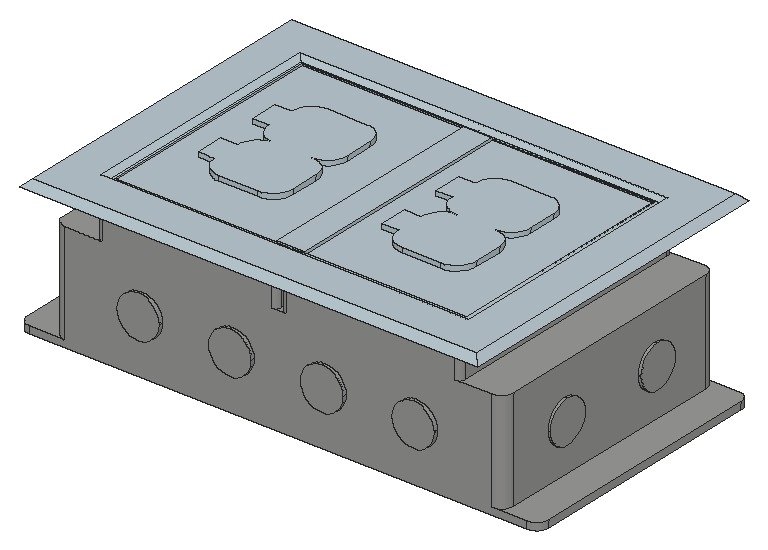
Revit family "Electrical_Equipment-Floor_Box-Hubbell_Wiring-2_Gang-Rectangular_Stamped_Steel-B2422", category Electrical Fixtures, host Face, Revit 2015
Parameters (values of type "BA2422 - 2 Gang - Aluminum Collar")
  Unit Height [instance] = 0' - 2 3/4"  # constant formula
  URL = "http://www.hubbell-wiring.com/"
  Right Cover Type [instance] = Covers : SA3825 - Duplex Flap - Aluminum
  Product data url = "https://bimobject.com/hubbellwiring/product/systemone-b2422"
  Product Page URL = "http://ecatalog.hubbell-wiring.com/productinformation/viewcatalog.aspx?Dest=hubbell-wiring.com/press/catalog/L.pdf&Page=4"
  Product Documentation Link = "http://ecatalog.hubbell-wiring.com/press/catalog/L-13.pdf"
  Model = "BA2422"
  Manufacturer = "Hubbell-Wiring"  # constant formula
  Left Cover Type [instance] = Covers : SA3825 - Duplex Flap - Aluminum
  Floor Box Type = Stamped Steel Concrete Floor Box : BA2422 - Shallow Concrete Floor Box
  Description = "Flush Rectangular Stamped Steel Concrete Floor Box"  # constant formula
  Default Elevation = 0' - 0"
  Cover Accessory Type [instance] = Carpet Flange : SA3084 - Carpet Flange - Aluminum
  Construction Note [instance] = "Match Collar Material to Covers"  # constant formula
  Conduit Connector_9 Description = "Conduit 0.75in. or 0.5in. Connection"
  Conduit Connector_8 Description = "Conduit 0.75in. or 0.5in. Connection"
  Conduit Connector_7 Description = "Conduit 0.75in. or 0.5in. Connection"
  Conduit Connector_6 Description = "Conduit 0.75in. or 0.5in. Connection"
  Conduit Connector_5 Description = "Conduit 0.75in. or 0.5in. Connection"
  Conduit Connector_4 Description = "Conduit 0.75in. or 0.5in. Connection"
  Conduit Connector_3 Description = "Conduit 0.75in. or 0.5in. Connection"
  Conduit Connector_2 Description = "Conduit 0.75in. or 0.5in. Connection"
  Conduit Connector_16 Description = "Conduit 1.25in, 1.0in or 0.75in. Connection"
  Conduit Connector_15 Description = "Conduit 1.25in, 1.0in or 0.75in. Connection"
  Conduit Connector_14 Description = "Conduit 1.25in, 1.0in or 0.75in. Connection"
  Conduit Connector_13 Description = "Conduit 1.25in, 1.0in or 0.75in. Connection"
  Conduit Connector_12 Description = "Conduit 0.75in. or 0.5in. Connection"
  Conduit Connector_11 Description = "Conduit 0.75in. or 0.5in. Connection"
  Conduit Connector_10 Description = "Conduit 0.75in. or 0.5in. Connection"
  Conduit Connector_1 Description = "Conduit 0.75in. or 0.5in. Connection"
  Conduit Connector 2 Radius = 0' - 0 5/8"
  Conduit Connector 1 Radius = 0' - 0 3/8"
  Collar Material = Metal-Hubbell-Aluminum
  Box Material = Metal-Hubbell-Stamped Steel
  Assembly Code = "D5020115"
Types (2): name | Right Cover Type | Model | Left Cover Type | Floor Box Type | Cover Accessory Type | Collar Material
  B2422 - 2 Gang - Brass Collar | Covers : S3825 - Duplex Flap - Brass | "B2422" | Covers : S3825 - Duplex Flap - Brass | Stamped Steel Concrete Floor Box : B2422 - Shallow Concrete Floor Box | Carpet Flange : SB3084 - Carpet Flange - Brass | Metal-Hubbell-Brass
  BA2422 - 2 Gang - Aluminum Collar | Covers : SA3825 - Duplex Flap - Aluminum | "BA2422" | Covers : SA3825 - Duplex Flap - Aluminum | Stamped Steel Concrete Floor Box : BA2422 - Shallow Concrete Floor Box | Carpet Flange : SA3084 - Carpet Flange - Aluminum | Metal-Hubbell-Aluminum
Reference planes (in)
  plane 1 "Center (Front/Back)": y = 0
  plane 2: z = 0
  plane 3 "Center (Left/Right)": x = 0
  plane 4: y = -2.078
  plane 5: y = 2.078
  plane 6: x = -3.25
  plane 7: x = 3.12562
Forms (in)
  Extrusion 1, void, detail levels fine
    sketch origin (0, 0, 0) x (1, 0, 0) y (0, 1, 0)
      loop
        line (-3.25, 2.078) -> (-3.25, -2.078) -> (3.12562, -2.078) -> (3.12562, 2.078) -> (-3.25, 2.078)
    from 0 to -2.8125
Lines and regions (in)
  symbolic lines
    curve 1: line (-4.06445, -3, 0) -> (4.06445, -3, 0)
    curve 2: line (-4.06445, 3, 0) -> (-4.06445, -3, 0)
    curve 3: line (4.06445, 3, 0) -> (-4.06445, 3, 0)
    curve 4: line (4.06445, -3, 0) -> (4.06445, 3, 0)
Dimensions and locks (in)
  plane 5 to plane 1 "Center (Front/Back)" to plane 4 = 0' - 2.078" locked, 0' - 2.078" locked
  plane 6 to plane 3 "Center (Left/Right)" to plane 7 = 0' - 3 1/4", 0' - 3.12562"
  Extrusion 1 to plane 3 "Center (Left/Right)" = 0' - 3 1/4"
  locked: nested 4 to host face at 0.0625
  plane 6 to plane 3 "Center (Left/Right)" to plane 7 = 0' - 3 1/4" locked, 0' - 3.12562" locked
  locked: nested 2 to nested 4 at 0.07603
  aligned and locked: plane 2 to host face
  aligned and locked: level to host face
  aligned: level to Extrusion 1
  aligned and locked: plane 1 "Center (Front/Back)" to nested 1
  aligned and locked: plane 3 "Center (Left/Right)" to nested 1
  aligned: nested 1 to plane 2  (x2)
  aligned: nested 1 to Extrusion 1  (x2)
  aligned and locked: nested 1 to plane 2
  aligned and locked: host face to Extrusion 1
  aligned: plane 3 "Center (Left/Right)" to nested 2
  aligned and locked: plane 1 "Center (Front/Back)" to nested 2
  aligned and locked: Extrusion 1 to plane 5
  aligned and locked: Extrusion 1 to plane 4
  aligned and locked: plane 6 to Extrusion 1
  aligned and locked: plane 7 to Extrusion 1
  aligned and locked: plane 1 "Center (Front/Back)" to nested 3
  aligned and locked: nested 2 to nested 3
  aligned and locked: plane 3 "Center (Left/Right)" to nested 4
  aligned and locked: plane 1 "Center (Front/Back)" to nested 4
  aligned and locked: Extrusion 1 to nested 4
  aligned and locked: curve 1 to nested 1
  aligned and locked: curve 2 to nested 1
  aligned and locked: curve 3 to nested 1
  aligned and locked: curve 4 to nested 1
Nested families (in)
  nested 1: "Carpet Flange" at (0, 0, 0), type <- "Cover Accessory Type", type "SA3084 - Carpet Flange - Aluminum"
  nested 2: "Covers" at (-1.62912, 0, -0.04297), type <- "Left Cover Type", type "SA3825 - Duplex Flap - Aluminum"
  nested 3: "Covers" at (1.62912, 0, -0.04297), type <- "Right Cover Type", type "SA3825 - Duplex Flap - Aluminum"
  nested 4: "Stamped Steel Concrete Floor Box" at (0, 0, 0), Unit Height <- "Unit Height", type <- "Floor Box Type", type "BA2422 - Shallow Concrete Floor Box"
    with Unit Height 0' - 2 3/4"
Connectors (in)
  cabletrayconduit at (-2.44162, -2.4075, -1.75), diameter 0.75, driven by "Conduit Connector 1 Radius", driven by "Conduit Connector_1 Description"
    settings: on nested 4, index 1, connector width 1' - 0", connector height 1' - 0", connector angle 0.00°, system type 32, placement type 0, profile type 0, connector reference index -1, is primary connector yes, connector utility param no, connector description "Conduit 0.75in. or 0.5in. Connection"
  cabletrayconduit at (-0.81662, -2.4075, -1.75), diameter 0.75, driven by "Conduit Connector 1 Radius", driven by "Conduit Connector_2 Description"
    settings: on nested 4, index 2, connector width 1' - 0", connector height 1' - 0", connector angle 0.00°, system type 32, placement type 0, profile type 0, connector reference index -1, is primary connector no, connector utility param no, connector description "Conduit 0.75in. or 0.5in. Connection"
  cabletrayconduit at (0.81662, -2.4075, -1.75), diameter 0.75, driven by "Conduit Connector 1 Radius", driven by "Conduit Connector_3 Description"
    settings: on nested 4, index 3, connector width 1' - 0", connector height 1' - 0", connector angle 0.00°, system type 32, placement type 0, profile type 0, connector reference index -1, is primary connector no, connector utility param no, connector description "Conduit 0.75in. or 0.5in. Connection"
  cabletrayconduit at (2.44162, -2.4075, -1.75), diameter 0.75, driven by "Conduit Connector 1 Radius", driven by "Conduit Connector_4 Description"
    settings: on nested 4, index 4, connector width 1' - 0", connector height 1' - 0", connector angle 0.00°, system type 32, placement type 0, profile type 0, connector reference index -1, is primary connector no, connector utility param no, connector description "Conduit 0.75in. or 0.5in. Connection"
  cabletrayconduit at (4.05938, -1, -1.75), diameter 0.75, driven by "Conduit Connector 1 Radius", driven by "Conduit Connector_5 Description"
    settings: on nested 4, index 5, connector width 1' - 0", connector height 1' - 0", connector angle 0.00°, system type 32, placement type 0, profile type 0, connector reference index -1, is primary connector no, connector utility param no, connector description "Conduit 0.75in. or 0.5in. Connection"
  cabletrayconduit at (4.05938, 1, -1.75), diameter 0.75, driven by "Conduit Connector 1 Radius", driven by "Conduit Connector_6 Description"
    settings: on nested 4, index 6, connector width 1' - 0", connector height 1' - 0", connector angle 0.00°, system type 32, placement type 0, profile type 0, connector reference index -1, is primary connector no, connector utility param no, connector description "Conduit 0.75in. or 0.5in. Connection"
  cabletrayconduit at (2.44162, 2.4075, -1.75), diameter 0.75, driven by "Conduit Connector 1 Radius", driven by "Conduit Connector_7 Description"
    settings: on nested 4, index 7, connector width 1' - 0", connector height 1' - 0", connector angle 0.00°, system type 32, placement type 0, profile type 0, connector reference index -1, is primary connector no, connector utility param no, connector description "Conduit 0.75in. or 0.5in. Connection"
  cabletrayconduit at (0.81662, 2.4075, -1.75), diameter 0.75, driven by "Conduit Connector 1 Radius", driven by "Conduit Connector_8 Description"
    settings: on nested 4, index 8, connector width 1' - 0", connector height 1' - 0", connector angle 0.00°, system type 32, placement type 0, profile type 0, connector reference index -1, is primary connector no, connector utility param no, connector description "Conduit 0.75in. or 0.5in. Connection"
  cabletrayconduit at (-0.81662, 2.4075, -1.75), diameter 0.75, driven by "Conduit Connector 1 Radius", driven by "Conduit Connector_9 Description"
    settings: on nested 4, index 9, connector width 1' - 0", connector height 1' - 0", connector angle 0.00°, system type 32, placement type 0, profile type 0, connector reference index -1, is primary connector no, connector utility param no, connector description "Conduit 0.75in. or 0.5in. Connection"
  cabletrayconduit at (-2.44162, 2.4075, -1.75), diameter 0.75, driven by "Conduit Connector 1 Radius", driven by "Conduit Connector_10 Description"
    settings: on nested 4, index 10, connector width 1' - 0", connector height 1' - 0", connector angle 0.00°, system type 32, placement type 0, profile type 0, connector reference index -1, is primary connector no, connector utility param no, connector description "Conduit 0.75in. or 0.5in. Connection"
  cabletrayconduit at (-4.06562, 1, -1.75), diameter 0.75, driven by "Conduit Connector 1 Radius", driven by "Conduit Connector_11 Description"
    settings: on nested 4, index 11, connector width 1' - 0", connector height 1' - 0", connector angle 0.00°, system type 32, placement type 0, profile type 0, connector reference index -1, is primary connector no, connector utility param no, connector description "Conduit 0.75in. or 0.5in. Connection"
  cabletrayconduit at (-4.06562, -1, -1.75), diameter 0.75, driven by "Conduit Connector 1 Radius", driven by "Conduit Connector_13 Description"
    settings: on nested 4, index 12, connector width 1' - 0", connector height 1' - 0", connector angle 0.00°, system type 32, placement type 0, profile type 0, connector reference index -1, is primary connector no, connector utility param no, connector description "Conduit 1.25in, 1.0in or 0.75in. Connection"
  cabletrayconduit at (-1.62181, -1, -2.8125), diameter 1.25, driven by "Conduit Connector 2 Radius", driven by "Conduit Connector_13 Description"
    settings: on nested 4, index 13, connector width 1' - 0", connector height 1' - 0", connector angle 0.00°, system type 32, placement type 0, profile type 0, connector reference index -1, is primary connector no, connector utility param no, connector description "Conduit 1.25in, 1.0in or 0.75in. Connection"
  cabletrayconduit at (1.62181, -1, -2.8125), diameter 1.25, driven by "Conduit Connector 2 Radius", driven by "Conduit Connector_14 Description"
    settings: on nested 4, index 14, connector width 1' - 0", connector height 1' - 0", connector angle 0.00°, system type 32, placement type 0, profile type 0, connector reference index -1, is primary connector no, connector utility param no, connector description "Conduit 1.25in, 1.0in or 0.75in. Connection"
  cabletrayconduit at (1.62181, 1, -2.8125), diameter 1.25, driven by "Conduit Connector 2 Radius", driven by "Conduit Connector_15 Description"
    settings: on nested 4, index 15, connector width 1' - 0", connector height 1' - 0", connector angle 0.00°, system type 32, placement type 0, profile type 0, connector reference index -1, is primary connector no, connector utility param no, connector description "Conduit 1.25in, 1.0in or 0.75in. Connection"
  cabletrayconduit at (-1.62181, 1, -2.8125), diameter 1.25, driven by "Conduit Connector 2 Radius", driven by "Conduit Connector_16 Description"
    settings: on nested 4, index 16, connector width 1' - 0", connector height 1' - 0", connector angle 0.00°, system type 32, placement type 0, profile type 0, connector reference index -1, is primary connector no, connector utility param no, connector description "Conduit 1.25in, 1.0in or 0.75in. Connection"
Definition of nested family "Carpet Flange"
  Parameters
    Width = 0' - 6"
    Length = 0' - 8 33/256"  # constant formula
    Cover Material = none
    Carpet Flange On = yes
    Assembly Code = ""
  Reference planes (in)
    plane 1 "Center (Front/Back)": y = 0
    plane 2: z = 0
    plane 3 "Center (Left/Right)": x = 0
    plane 4: z = 0.125
  Forms (in)
    Sweep 1, solid, material <- "Cover Material", visible <- "Carpet Flange On"
      path in 3D
        loop
          line (-4.06445, -3, 0) -> (4.06445, -3, 0) -> (4.06445, 3, 0) -> (-4.06445, 3, 0) -> (-4.06445, -3, 0)
      profile origin (-4.06445, 0, 0) x (1, 0, 0) y (0, 0, 1)
        loop
          line (0, 0) -> (0.91498, 0) -> (0.91498, 0.03877) -> (0.79, 0.125) -> (0.125, 0.125) -> (0, 0)
  Lines and regions (in)
    Masking region 1
      outline origin (3.27995, 0.00006, 0) x (1, 0, 0) y (0, 1, 0)
        loop
          line (-7.3444, 3.00006) -> (-7.3444, -3.00006) -> (0.7845, -3.00006) -> (0.7845, 3.00006) -> (-7.3444, 3.00006)
    reference lines
      curve 1: line (-4.06445, 3, 0) -> (-4.06445, -3, 0)
      curve 2: line (-4.06445, -3, 0) -> (4.06445, -3, 0)
      curve 3: line (4.06445, -3, 0) -> (4.06445, 3, 0)
      curve 4: line (4.06445, 3, 0) -> (-4.06445, 3, 0)
    sketch lines
      curve 5: line (-4.06445, 3, 0) -> (-4.06445, -3, 0)
      curve 6: line (4.06445, 3, 0) -> (-4.06445, 3, 0)
      curve 7: line (4.06445, -3, 0) -> (4.06445, 3, 0)
      curve 8: line (-4.06445, -3, 0) -> (4.06445, -3, 0)
  Dimensions and locks (in)
    "Length": curve 1 to curve 3
    equal spacing: curve 1, plane 3 "Center (Left/Right)", curve 3
    aligned and locked: plane 2 to level
    aligned and locked: curve 7 to curve 3
    aligned and locked: Masking region 1 to curve 3
    aligned and locked: Masking region 1 to curve 1
    aligned and locked: curve 5 to curve 1
  Automatic sketch dimensions
    plane 1 "Center (Front/Back)" to curve 1 = 0' - 3"
    curve 3 to plane 1 "Center (Front/Back)" = 0' - 3"
    Masking region 1 sketch curve to plane 3 "Center (Left/Right)" = 0' - 4.06445"
    plane 3 "Center (Left/Right)" to Masking region 1 sketch curve = 0' - 4.06445"
    plane 1 "Center (Front/Back)" to Masking region 1 sketch curve = 0' - 3"
    Masking region 1 sketch curve to plane 1 "Center (Front/Back)" = 0' - 3.00011"
    profile plane to Sweep 1 sketch curve = 0' - 0"  (x2)
    Sweep 1 sketch curve to plane 4 = 0' - 0"
    Sweep 1 sketch curve to profile plane = 0' - 0"  (x2)
    Sweep 1 sketch curve to profile plane = 0' - 0 1/8"
    Sweep 1 sketch curve to Sweep 1 sketch curve = 0' - 0.665"
    Sweep 1 sketch curve to Sweep 1 sketch curve = 0' - 0 1/8"
    profile plane to Sweep 1 sketch curve = 0' - 0.03877"
Definition of nested family "Covers"
  Parameters
    Style Line Flap = no
    Duplex Screw = no
    Duplex Flap = yes
    Cover Material = none
    Combination Flap = no
    Box = yes
    Assembly Code = ""
  Reference planes (in)
    plane 1 "Center (Front/Back)": y = 0
    plane 2: z = 0
    plane 3 "Center (Left/Right)": x = 0
  Forms (in)
    Extrusion 1, solid, material <- "Cover Material", visible <- "Duplex Flap", detail levels medium+fine
      sketch origin (0, 0, -0.03016) x (1, 0, 0) y (0, 1, 0)
        loop
          arc (-0.34332, 1.20711) -> (-0.59332, 1.10355) -> (-0.69687, 0.85355) r 0.35355
          line (-0.69687, 0.85355) -> (-0.98976, 0.85355) -> (-0.98976, 0.35355) -> (-0.69687, 0.35355)
          arc (-0.69687, 0.35355) -> (-0.59332, 0.10355) -> (-0.34332, 0) r 0.35355
          arc (-0.34332, 0) -> (-0.59332, -0.10355) -> (-0.69687, -0.35355) r 0.35355
          line (-0.69687, -0.35355) -> (-0.98976, -0.35355) -> (-0.98976, -0.85355) -> (-0.69687, -0.85355)
          arc (-0.69687, -0.85355) -> (-0.59332, -1.10355) -> (-0.34332, -1.20711) r 0.35355
          line (-0.34332, -1.20711) -> (0.34332, -1.20711)
          arc (0.34332, -1.20711) -> (0.59332, -1.10355) -> (0.69687, -0.85355) r 0.35355
          line (0.69687, -0.85355) -> (0.69687, -0.35355)
          arc (0.69687, -0.35355) -> (0.59332, -0.10355) -> (0.34332, 0) r 0.35355
          arc (0.34332, 0) -> (0.59332, 0.10355) -> (0.69687, 0.35355) r 0.35355
          line (0.69687, 0.35355) -> (0.69687, 0.85355)
          arc (0.69687, 0.85355) -> (0.59332, 1.10355) -> (0.34332, 1.20711) r 0.35355
          line (0.34332, 1.20711) -> (-0.34332, 1.20711)
      from 0.12 to 0.20228
    Extrusion 2, solid, material <- "Cover Material", visible <- "Combination Flap", detail levels medium+fine
      sketch origin (0.0053, 0, -0.03016) x (1, 0, 0) y (0, 1, 0)
        loop
          circle (0, 0) r 1
        loop
          line (-0.08565, 0.54465) -> (-0.08565, -0.54465) -> (0.0625, -0.54465) -> (0.0625, 0.54465) -> (-0.08565, 0.54465)
      from 0.12 to 0.20228
    Extrusion 3, solid, material <- "Cover Material", visible <- "Duplex Screw", detail levels medium+fine
      sketch origin (0.01567, 0.75003, -0.03016) x (1, 0, 0) y (0, 1, 0)
        loop
          circle (-0.01567, -0.00003) r 0.75
        loop
          line (-0.07309, 0.39733) -> (-0.07309, -0.41965) -> (0.0625, -0.41965) -> (0.0625, 0.39733) -> (-0.07309, 0.39733)
      from 0.12 to 0.20228
    Extrusion 4, solid, material <- "Cover Material", visible <- "Duplex Screw", detail levels medium+fine
      sketch origin (-0.01567, -0.75003, -0.03016) x (-1, 0, 0) y (0, -1, 0)
        loop
          circle (-0.01567, -0.00003) r 0.75
        loop
          line (-0.07309, 0.39733) -> (-0.07309, -0.41965) -> (0.0625, -0.41965) -> (0.0625, 0.39733) -> (-0.07309, 0.39733)
      from 0.12 to 0.20228
    Extrusion 5, solid, material <- "Cover Material", visible <- "Box"
      sketch origin (0, 0, 0.38984) x (1, 0, 0) y (0, 1, 0)
        loop
          line (-1.4965, 2.078) -> (-1.4965, -2.078) -> (1.4965, -2.078) -> (1.4965, 2.078) -> (-1.4965, 2.078)
      from -0.44 to -0.3
    Extrusion 6, solid, material <- "Cover Material", visible <- "Style Line Flap", detail levels medium+fine
      sketch origin (0, 0, -0.03016) x (1, 0, 0) y (0, 1, 0)
        loop
          line (-0.69687, 1.20711) -> (-0.69687, 0.85355) -> (-0.98976, 0.85355) -> (-0.98976, 0.35355) -> (-0.69687, 0.35355) -> (-0.69687, -0.35355) -> (-0.98976, -0.35355) -> (-0.98976, -0.85355) -> (-0.69687, -0.85355) -> (-0.69687, -1.20711) -> (0.69687, -1.20711) -> (0.69687, -0.24767) -> (0.69687, 1.20711) -> (-0.69687, 1.20711)
      from 0.12 to 0.20228
  Lines and regions (in)
    Masking region 1, detail levels medium+fine
      outline origin (0, 0, 0) x (1, 0, 0) y (0, 1, 0)
        loop
          line (-1.4965, 2.078) -> (-1.4965, -2.078) -> (1.4965, -2.078) -> (1.4965, 2.078) -> (-1.4965, 2.078)
    symbolic lines, visible <- "Duplex Screw", detail levels fine
      curve 1: arc (0, 1.5, 0) -> (-0.75, 0.75, 0) -> (0, 0, 0) r 0.75
      curve 2: arc (0, 0, 0) -> (0.75, 0.75, 0) -> (0, 1.5, 0) r 0.75
      curve 3: line (0.07893, 1.16886, 0) -> (0.07893, 0.35188, 0)
      curve 4: line (0.07893, 0.35188, 0) -> (-0.05666, 0.35188, 0)
      curve 5: line (-0.05666, 0.35188, 0) -> (-0.05666, 1.16886, 0)
      curve 6: line (-0.05666, 1.16886, 0) -> (0.07893, 1.16886, 0)
      curve 7: arc (0, 0, 0) -> (-0.75, -0.75, 0) -> (0, -1.5, 0) r 0.75
      curve 8: arc (0, -1.5, 0) -> (0.75, -0.75, 0) -> (0, 0, 0) r 0.75
      curve 9: line (-0.05666, -1.14812, 0) -> (-0.05666, -0.33114, 0)
      curve 10: line (0.07893, -1.14812, 0) -> (-0.05666, -1.14812, 0)
      curve 11: line (0.07893, -0.33114, 0) -> (0.07893, -1.14812, 0)
      curve 12: line (-0.05666, -0.33114, 0) -> (0.07893, -0.33114, 0)
    symbolic lines, visible <- "Duplex Flap", detail levels fine
      curve 13: arc (-0.69687, -0.85355, 0) -> (-0.59332, -1.10355, 0) -> (-0.34332, -1.20711, 0) r 0.35355
      curve 14: line (-0.34332, -1.20711, 0) -> (0.34332, -1.20711, 0)
      curve 15: arc (0.34332, -1.20711, 0) -> (0.59332, -1.10355, 0) -> (0.69687, -0.85355, 0) r 0.35355
      curve 16: line (0.69687, -0.85355, 0) -> (0.69687, -0.35355, 0)
      curve 17: arc (0.69687, -0.35355, 0) -> (0.59332, -0.10355, 0) -> (0.34332, 0, 0) r 0.35355
      curve 18: arc (0.34332, 0, 0) -> (0.59332, 0.10355, 0) -> (0.69687, 0.35355, 0) r 0.35355
      curve 19: line (0.69687, 0.35355, 0) -> (0.69687, 0.85355, 0)
      curve 20: arc (0.69687, 0.85355, 0) -> (0.59332, 1.10355, 0) -> (0.34332, 1.20711, 0) r 0.35355
      curve 21: line (0.34332, 1.20711, 0) -> (-0.34332, 1.20711, 0)
      curve 22: arc (-0.34332, 1.20711, 0) -> (-0.59332, 1.10355, 0) -> (-0.69687, 0.85355, 0) r 0.35355
      curve 23: line (-0.69687, 0.85355, 0) -> (-0.98976, 0.85355, 0)
      curve 24: line (-0.98976, 0.85355, 0) -> (-0.98976, 0.35355, 0)
      curve 25: line (-0.98976, 0.35355, 0) -> (-0.69687, 0.35355, 0)
      curve 26: arc (-0.69687, 0.35355, 0) -> (-0.59332, 0.10355, 0) -> (-0.34332, 0, 0) r 0.35355
      curve 27: arc (-0.34332, 0, 0) -> (-0.59332, -0.10355, 0) -> (-0.69687, -0.35355, 0) r 0.35355
      curve 28: line (-0.69687, -0.35355, 0) -> (-0.98976, -0.35355, 0)
      curve 29: line (-0.98976, -0.35355, 0) -> (-0.98976, -0.85355, 0)
      curve 30: line (-0.98976, -0.85355, 0) -> (-0.69687, -0.85355, 0)
    symbolic lines, visible <- "Combination Flap", detail levels fine
      curve 31: arc (-0.9947, 0, 0) -> (0.0053, -1, 0) -> (1.0053, 0, 0) r 1
      curve 32: arc (1.0053, 0, 0) -> (0.0053, 1, 0) -> (-0.9947, 0, 0) r 1
      curve 33: line (-0.08035, -0.54465, 0) -> (-0.08035, 0.54465, 0)
      curve 34: line (-0.08035, 0.54465, 0) -> (0.0678, 0.54465, 0)
      curve 35: line (0.0678, 0.54465, 0) -> (0.0678, -0.54465, 0)
      curve 36: line (0.0678, -0.54465, 0) -> (-0.08035, -0.54465, 0)
    symbolic lines, visible <- "Style Line Flap", detail levels fine
      curve 37: line (0.69687, 1.20711, 0) -> (-0.69687, 1.20711, 0)
      curve 38: line (-0.69687, 1.20711, 0) -> (-0.69687, 0.85355, 0)
      curve 39: line (-0.69687, 0.85355, 0) -> (-0.98976, 0.85355, 0)
      curve 40: line (-0.98976, 0.85355, 0) -> (-0.98976, 0.35355, 0)
      curve 41: line (-0.98976, 0.35355, 0) -> (-0.69687, 0.35355, 0)
      curve 42: line (-0.69687, 0.35355, 0) -> (-0.69687, -0.35355, 0)
      curve 43: line (-0.69687, -0.35355, 0) -> (-0.98976, -0.35355, 0)
      curve 44: line (-0.98976, -0.35355, 0) -> (-0.98976, -0.85355, 0)
      curve 45: line (-0.98976, -0.85355, 0) -> (-0.69687, -0.85355, 0)
      curve 46: line (-0.69687, -0.85355, 0) -> (-0.69687, -1.20711, 0)
      curve 47: line (-0.69687, -1.20711, 0) -> (0.69687, -1.20711, 0)
      curve 48: line (0.69687, -1.20711, 0) -> (0.69687, -0.24767, 0)
      curve 49: line (0.69687, -0.24767, 0) -> (0.69687, 1.20711, 0)
  Dimensions and locks (in)
    aligned and locked: plane 2 to level
Definition of nested family "Stamped Steel Concrete Floor Box"
  Parameters
    Unit Height [instance] = 0' - 2 3/4"  # constant formula
    Cover Material = none
    Conduit Connector Offset = 0' - 1"  # constant formula
    Conduit Connector 2 Radius = 0' - 0 5/8"
    Conduit Connector 1 Radius = 0' - 0 3/8"
    Can Material = none
    Assembly Code = ""
  Reference planes (in)
    plane 1 "Center (Front/Back)": y = 0
    plane 2: z = 0
    plane 3 "Center (Left/Right)": x = 0
    plane 4: z = -2.75
    plane 5: z = -1.75
    plane 6: z = -0.82416
    plane 7: z = -2.625
    plane 8: x = 1.62912
    plane 9: x = -1.62912
  Forms (in)
    Extrusion 1, solid, material <- "Can Material"
      sketch origin (0.92025, 0.30752, 7.9375) x (1, 0, 0) y (0, 1, 0)
        loop
          arc (-4.71356, 2.03748) -> (-4.86192, 1.97602) -> (-4.92337, 1.82766) r 0.20982
          line (-4.92337, 1.82766) -> (-4.92337, -2.43885)
          arc (-4.92337, -2.43885) -> (-4.86267, -2.5854) -> (-4.71613, -2.6461) r 0.20725
          line (-4.71613, -2.6461) -> (2.86024, -2.6461)
          arc (2.86024, -2.6461) -> (3.01325, -2.58272) -> (3.07663, -2.42971) r 0.21639
          line (3.07663, -2.42971) -> (3.07663, 1.83391)
          arc (3.07663, 1.83391) -> (3.017, 1.97785) -> (2.87306, 2.03748) r 0.20357
          line (2.87306, 2.03748) -> (-4.71356, 2.03748)
      from -10.5625 to -8.76166
    Extrusion 2, solid, material <- "Can Material"
      sketch origin (0.92025, 0.30752, 7.9375) x (1, 0, 0) y (0, 1, 0)
        loop
          arc (-5.33856, 2.03748) -> (-5.48692, 1.97602) -> (-5.54837, 1.82766) r 0.20982
          line (-5.54837, 1.82766) -> (-5.54837, -2.43885)
          arc (-5.54837, -2.43885) -> (-5.48767, -2.5854) -> (-5.34113, -2.6461) r 0.20725
          line (-5.34113, -2.6461) -> (3.48524, -2.6461)
          arc (3.48524, -2.6461) -> (3.63825, -2.58272) -> (3.70163, -2.42971) r 0.21639
          line (3.70163, -2.42971) -> (3.70163, 1.83391)
          arc (3.70163, 1.83391) -> (3.642, 1.97785) -> (3.49806, 2.03748) r 0.20357
          line (3.49806, 2.03748) -> (-5.33856, 2.03748)
      from -10.6875 to -10.5625
    Extrusion 3, solid, material <- "Cover Material"
      sketch origin (-1.62912, 0, 0.22509) x (1, 0, 0) y (0, 1, 0)
        loop
          line (-1.4965, 2.078) -> (-1.4965, -2.078) -> (1.4965, -2.078) -> (1.4965, 2.078) -> (-1.4965, 2.078)
        loop
          arc (-1.49742, 2.345) -> (-1.57311, 2.31365) -> (-1.60446, 2.23796) r 0.10704
          line (-1.60446, 2.23796) -> (-1.60446, -2.23167)
          arc (-1.60446, -2.23167) -> (-1.57315, -2.30726) -> (-1.49756, -2.33857) r 0.1069
          line (-1.49756, -2.33857) -> (1.49823, -2.33857)
          arc (1.49823, -2.33857) -> (1.56869, -2.30939) -> (1.59787, -2.23893) r 0.09964
          line (1.59787, -2.23893) -> (1.59787, 2.24543)
          arc (1.59787, 2.24543) -> (1.56871, 2.31584) -> (1.4983, 2.345) r 0.09957
          line (1.4983, 2.345) -> (-1.49742, 2.345)
      from -0.39425 to -0.22509
    Extrusion 4, solid, material <- "Can Material"
      sketch origin (-1.62912, 0, 7.9375) x (1, 0, 0) y (0, 1, 0)
        loop
          line (-1.4965, 2.078) -> (-1.4965, -2.078) -> (1.4965, -2.078) -> (1.4965, 2.078) -> (-1.4965, 2.078)
        loop
          line (-1.60446, 2.23796) -> (-1.60446, -2.23167)
          arc (-1.60446, -2.23167) -> (-1.57315, -2.30726) -> (-1.49756, -2.33857) r 0.1069
          line (-1.49756, -2.33857) -> (1.49823, -2.33857)
          arc (1.49823, -2.33857) -> (1.56869, -2.30939) -> (1.59787, -2.23893) r 0.09964
          line (1.59787, -2.23893) -> (1.59787, 2.24543)
          arc (1.59787, 2.24543) -> (1.56871, 2.31584) -> (1.4983, 2.345) r 0.09957
          line (1.4983, 2.345) -> (-1.49742, 2.345)
          arc (-1.49742, 2.345) -> (-1.57311, 2.31365) -> (-1.60446, 2.23796) r 0.10704
      from -8.76166 to -8.10666
    Extrusion 5, solid, material <- "Cover Material"
      sketch origin (-1.62912, 0, 0) x (1, 0, 0) y (0, 1, 0)
        loop
          arc (-1.49742, 2.345) -> (-1.57311, 2.31365) -> (-1.60446, 2.23796) r 0.10704
          line (-1.60446, 2.23796) -> (-1.60446, -2.23167)
          arc (-1.60446, -2.23167) -> (-1.57315, -2.30726) -> (-1.49756, -2.33857) r 0.1069
          line (-1.49756, -2.33857) -> (1.49823, -2.33857)
          arc (1.49823, -2.33857) -> (1.56869, -2.30939) -> (1.59787, -2.23893) r 0.09964
          line (1.59787, -2.23893) -> (1.59787, 2.24543)
          arc (1.59787, 2.24543) -> (1.56871, 2.31584) -> (1.4983, 2.345) r 0.09957
          line (1.4983, 2.345) -> (-1.49742, 2.345)
        loop
          line (-1.4965, 2.078) -> (-1.4965, -2.078) -> (1.4965, -2.078) -> (1.4965, 2.078) -> (-1.4965, 2.078)
      from 0 to 0.0625
    Extrusion 6, solid, material <- "Cover Material"
      sketch origin (1.62912, 0, 0) x (-1, 0, 0) y (0, -1, 0)
        loop
          line (-1.49742, -2.345) -> (1.4983, -2.345)
          arc (1.4983, -2.345) -> (1.56871, -2.31584) -> (1.59787, -2.24543) r 0.09957
          line (1.59787, -2.24543) -> (1.59787, 2.23893)
          arc (1.59787, 2.23893) -> (1.56869, 2.30939) -> (1.49823, 2.33857) r 0.09964
          line (1.49823, 2.33857) -> (-1.49756, 2.33857)
          arc (-1.49756, 2.33857) -> (-1.57315, 2.30726) -> (-1.60446, 2.23167) r 0.1069
          line (-1.60446, 2.23167) -> (-1.60446, -2.23796)
          arc (-1.60446, -2.23796) -> (-1.57311, -2.31365) -> (-1.49742, -2.345) r 0.10704
        loop
          line (-1.4965, -2.078) -> (1.4965, -2.078) -> (1.4965, 2.078) -> (-1.4965, 2.078) -> (-1.4965, -2.078)
      from 0 to 0.0625
    Extrusion 7, solid, material <- "Cover Material"
      sketch origin (1.62912, 0, 0.22509) x (-1, 0, 0) y (0, -1, 0)
        loop
          line (-1.4965, -2.078) -> (1.4965, -2.078) -> (1.4965, 2.078) -> (-1.4965, 2.078) -> (-1.4965, -2.078)
        loop
          line (-1.49742, -2.345) -> (1.4983, -2.345)
          arc (1.4983, -2.345) -> (1.56871, -2.31584) -> (1.59787, -2.24543) r 0.09957
          line (1.59787, -2.24543) -> (1.59787, 2.23893)
          arc (1.59787, 2.23893) -> (1.56869, 2.30939) -> (1.49823, 2.33857) r 0.09964
          line (1.49823, 2.33857) -> (-1.49756, 2.33857)
          arc (-1.49756, 2.33857) -> (-1.57315, 2.30726) -> (-1.60446, 2.23167) r 0.1069
          line (-1.60446, 2.23167) -> (-1.60446, -2.23796)
          arc (-1.60446, -2.23796) -> (-1.57311, -2.31365) -> (-1.49742, -2.345) r 0.10704
      from -0.39425 to -0.22509
    Extrusion 8, solid, material <- "Can Material"
      sketch origin (1.62912, 0, 7.9375) x (-1, 0, 0) y (0, -1, 0)
        loop
          line (-1.4965, -2.078) -> (1.4965, -2.078) -> (1.4965, 2.078) -> (-1.4965, 2.078) -> (-1.4965, -2.078)
        loop
          arc (-1.60446, -2.23796) -> (-1.57311, -2.31365) -> (-1.49742, -2.345) r 0.10704
          line (-1.49742, -2.345) -> (1.4983, -2.345)
          arc (1.4983, -2.345) -> (1.56871, -2.31584) -> (1.59787, -2.24543) r 0.09957
          line (1.59787, -2.24543) -> (1.59787, 2.23893)
          arc (1.59787, 2.23893) -> (1.56869, 2.30939) -> (1.49823, 2.33857) r 0.09964
          line (1.49823, 2.33857) -> (-1.49756, 2.33857)
          arc (-1.49756, 2.33857) -> (-1.57315, 2.30726) -> (-1.60446, 2.23167) r 0.1069
          line (-1.60446, 2.23167) -> (-1.60446, -2.23796)
      from -8.76166 to -8.10666
    Extrusion 9, solid, material <- "Cover Material"
      sketch origin (0, 0, 0) x (1, 0, 0) y (0, 1, 0)
        loop
          line (-0.25356, 2.078) -> (-0.25356, -2.078) -> (0.25356, -2.078) -> (0.25356, 2.078) -> (-0.25356, 2.078)
      from 0 to 0.07813
    Extrusion 10, solid, material <- "Can Material"
      sketch origin (-1.62181, 1, 0) x (1, 0, 0) y (0, 1, 0)
        loop
          circle (0, 0) r 0.625
      from -2.75 to -2.8125
    Extrusion 11, solid, material <- "Can Material"
      sketch origin (1.62181, 1, 0) x (-1, 0, 0) y (0, -1, 0)
        loop
          circle (0, 0) r 0.625
      from -2.75 to -2.8125
    Extrusion 12, solid, material <- "Can Material"
      sketch origin (-1.62181, -1, 0) x (1, 0, 0) y (0, 1, 0)
        loop
          circle (0, 0) r 0.625
      from -2.75 to -2.8125
    Extrusion 13, solid, material <- "Can Material"
      sketch origin (1.62181, -1, 0) x (-1, 0, 0) y (0, -1, 0)
        loop
          circle (0, 0) r 0.625
      from -2.75 to -2.8125
    Extrusion 14, solid, material <- "Can Material"
      sketch origin (-0.81662, 0, 0) x (1, 0, 0) y (0, 0, 1)
        loop
          arc (-0.375, -1.75) -> (-0.26517, -2.01517) -> (0, -2.125) r 0.375
          arc (0, -2.125) -> (0.26517, -2.01517) -> (0.375, -1.75) r 0.375
          arc (0.375, -1.75) -> (0.26517, -1.48483) -> (0, -1.375) r 0.375
          arc (0, -1.375) -> (-0.26517, -1.48483) -> (-0.375, -1.75) r 0.375
      from -2.345 to -2.4075
    Extrusion 15, solid, material <- "Can Material"
      sketch origin (-2.44162, 0, 0) x (-1, 0, 0) y (0, 0, -1)
        loop
          arc (-0.375, 1.75) -> (-0.26517, 1.48483) -> (0, 1.375) r 0.375
          arc (0, 1.375) -> (0.26517, 1.48483) -> (0.375, 1.75) r 0.375
          arc (0.375, 1.75) -> (0.26517, 2.01517) -> (0, 2.125) r 0.375
          arc (0, 2.125) -> (-0.26517, 2.01517) -> (-0.375, 1.75) r 0.375
      from -2.345 to -2.4075
    Extrusion 16, solid, material <- "Can Material"
      sketch origin (-0.81662, 0, 0) x (1, 0, 0) y (0, 0, -1)
        loop
          arc (-0.375, 1.75) -> (-0.26517, 1.48483) -> (0, 1.375) r 0.375
          arc (0, 1.375) -> (0.26517, 1.48483) -> (0.375, 1.75) r 0.375
          arc (0.375, 1.75) -> (0.26517, 2.01517) -> (0, 2.125) r 0.375
          arc (0, 2.125) -> (-0.26517, 2.01517) -> (-0.375, 1.75) r 0.375
      from -2.345 to -2.4075
    Extrusion 17, solid, material <- "Can Material"
      sketch origin (-2.44162, 0, 0) x (-1, 0, 0) y (0, 0, 1)
        loop
          arc (-0.375, -1.75) -> (-0.26517, -2.01517) -> (0, -2.125) r 0.375
          arc (0, -2.125) -> (0.26517, -2.01517) -> (0.375, -1.75) r 0.375
          arc (0.375, -1.75) -> (0.26517, -1.48483) -> (0, -1.375) r 0.375
          arc (0, -1.375) -> (-0.26517, -1.48483) -> (-0.375, -1.75) r 0.375
      from -2.345 to -2.4075
    Extrusion 18, solid, material <- "Can Material"
      sketch origin (0.81662, 0, 0) x (-1, 0, 0) y (0, 0, -1)
        loop
          arc (-0.375, 1.75) -> (-0.26517, 1.48483) -> (0, 1.375) r 0.375
          arc (0, 1.375) -> (0.26517, 1.48483) -> (0.375, 1.75) r 0.375
          arc (0.375, 1.75) -> (0.26517, 2.01517) -> (0, 2.125) r 0.375
          arc (0, 2.125) -> (-0.26517, 2.01517) -> (-0.375, 1.75) r 0.375
      from -2.345 to -2.4075
    Extrusion 19, solid, material <- "Can Material"
      sketch origin (2.44162, 0, 0) x (1, 0, 0) y (0, 0, 1)
        loop
          arc (-0.375, -1.75) -> (-0.26517, -2.01517) -> (0, -2.125) r 0.375
          arc (0, -2.125) -> (0.26517, -2.01517) -> (0.375, -1.75) r 0.375
          arc (0.375, -1.75) -> (0.26517, -1.48483) -> (0, -1.375) r 0.375
          arc (0, -1.375) -> (-0.26517, -1.48483) -> (-0.375, -1.75) r 0.375
      from -2.345 to -2.4075
    Extrusion 20, solid, material <- "Can Material"
      sketch origin (0.81662, 0, 0) x (-1, 0, 0) y (0, 0, 1)
        loop
          arc (-0.375, -1.75) -> (-0.26517, -2.01517) -> (0, -2.125) r 0.375
          arc (0, -2.125) -> (0.26517, -2.01517) -> (0.375, -1.75) r 0.375
          arc (0.375, -1.75) -> (0.26517, -1.48483) -> (0, -1.375) r 0.375
          arc (0, -1.375) -> (-0.26517, -1.48483) -> (-0.375, -1.75) r 0.375
      from -2.345 to -2.4075
    Extrusion 21, solid, material <- "Can Material"
      sketch origin (2.44162, 0, 0) x (1, 0, 0) y (0, 0, -1)
        loop
          arc (-0.375, 1.75) -> (-0.26517, 1.48483) -> (0, 1.375) r 0.375
          arc (0, 1.375) -> (0.26517, 1.48483) -> (0.375, 1.75) r 0.375
          arc (0.375, 1.75) -> (0.26517, 2.01517) -> (0, 2.125) r 0.375
          arc (0, 2.125) -> (-0.26517, 2.01517) -> (-0.375, 1.75) r 0.375
      from -2.345 to -2.4075
    Extrusion 22, solid, material <- "Can Material"
      sketch origin (0.07413, 0.75, 0) x (0, 1, 0) y (0, 0, -1)
        loop
          arc (-0.125, 1.75) -> (-0.01517, 1.48483) -> (0.25, 1.375) r 0.375
          arc (0.25, 1.375) -> (0.51517, 1.48483) -> (0.625, 1.75) r 0.375
          arc (0.625, 1.75) -> (0.51517, 2.01517) -> (0.25, 2.125) r 0.375
          arc (0.25, 2.125) -> (-0.01517, 2.01517) -> (-0.125, 1.75) r 0.375
      from -3.92275 to -3.98525
    Extrusion 23, solid, material <- "Can Material"
      sketch origin (0, 1, 0) x (0, 1, 0) y (0, 0, 1)
        loop
          arc (-0.375, -1.75) -> (-0.26517, -2.01517) -> (0, -2.125) r 0.375
          arc (0, -2.125) -> (0.26517, -2.01517) -> (0.375, -1.75) r 0.375
          arc (0.375, -1.75) -> (0.26517, -1.48483) -> (0, -1.375) r 0.375
          arc (0, -1.375) -> (-0.26517, -1.48483) -> (-0.375, -1.75) r 0.375
      from -4.00312 to -4.06562
    Extrusion 24, solid, material <- "Can Material"
      sketch origin (0.07413, -0.75, 0) x (0, -1, 0) y (0, 0, 1)
        loop
          arc (-0.125, -1.75) -> (-0.01517, -2.01517) -> (0.25, -2.125) r 0.375
          arc (0.25, -2.125) -> (0.51517, -2.01517) -> (0.625, -1.75) r 0.375
          arc (0.625, -1.75) -> (0.51517, -1.48483) -> (0.25, -1.375) r 0.375
          arc (0.25, -1.375) -> (-0.01517, -1.48483) -> (-0.125, -1.75) r 0.375
      from -3.92275 to -3.98525
    Extrusion 25, solid, material <- "Can Material"
      sketch origin (0, -1, 0) x (0, -1, 0) y (0, 0, -1)
        loop
          arc (-0.375, 1.75) -> (-0.26517, 1.48483) -> (0, 1.375) r 0.375
          arc (0, 1.375) -> (0.26517, 1.48483) -> (0.375, 1.75) r 0.375
          arc (0.375, 1.75) -> (0.26517, 2.01517) -> (0, 2.125) r 0.375
          arc (0, 2.125) -> (-0.26517, 2.01517) -> (-0.375, 1.75) r 0.375
      from -4.00312 to -4.06562
  Cuts and joins
    joined: Extrusion 1, Extrusion 2, Extrusion 4, Extrusion 8, Extrusion 10, Extrusion 11, Extrusion 12, Extrusion 13
    joined: Extrusion 3, Extrusion 5
    joined: Extrusion 6, Extrusion 7, Extrusion 9
  Dimensions and locks (in)
    "Conduit Connector Offset": plane 5 to plane 4
    "Unit Height": level to plane 4
    locked: plane 7 to plane 4 at 0.125
    "Conduit Connector 2 Radius": radius of Extrusion 10 sketch curve
    "Conduit Connector 2 Radius": radius of Extrusion 11 sketch curve
    "Conduit Connector 2 Radius": radius of Extrusion 12 sketch curve
    "Conduit Connector 2 Radius": radius of Extrusion 13 sketch curve
    "Conduit Connector 1 Radius": radius of Extrusion 14 sketch curve
    "Conduit Connector 1 Radius": radius of Extrusion 15 sketch curve
    "Conduit Connector 1 Radius": radius of Extrusion 16 sketch curve
    "Conduit Connector 1 Radius": radius of Extrusion 17 sketch curve
    "Conduit Connector 1 Radius": radius of Extrusion 18 sketch curve
    "Conduit Connector 1 Radius": radius of Extrusion 19 sketch curve
    "Conduit Connector 1 Radius": radius of Extrusion 20 sketch curve
    "Conduit Connector 1 Radius": radius of Extrusion 21 sketch curve
    "Conduit Connector 1 Radius": radius of Extrusion 22 sketch curve
    "Conduit Connector 1 Radius": radius of Extrusion 23 sketch curve
    "Conduit Connector 1 Radius": radius of Extrusion 24 sketch curve
    "Conduit Connector 1 Radius": radius of Extrusion 25 sketch curve
    aligned and locked: plane 2 to level
    aligned: cut or joined group 1 (Extrusion 1, Extrusion 2, Extrusion 4, Extrusion 8, Extrusion 10, Extrusion 11, Extrusion 12, Extrusion 13) to cut or joined group 1  (x8)
    aligned: Extrusion 1 to cut or joined group 1
    aligned: plane 4 to Extrusion 1
    aligned: cut or joined group 1 to plane 4  (x6)
    aligned: plane 5 to Extrusion 1
    aligned: plane 5 to cut or joined group 1
    aligned: plane 1 "Center (Front/Back)" to cut or joined group 1
    aligned and locked: Extrusion 2 to plane 4
    aligned and locked: plane 7 to Extrusion 2
    aligned and locked: cut or joined group 1 to plane 7
    aligned and locked: Extrusion 3 to Extrusion 4
    aligned and locked: Extrusion 8 to Extrusion 7
    aligned and locked: plane 4 to cut or joined group 1
    aligned and locked: cut or joined group 1 to cut or joined group 1  (x3)
    aligned: plane 8 to cut or joined group 1  (x2)
  Automatic sketch dimensions
    Extrusion 1 sketch curve to plane 9 = 0' - 2.374"
    Extrusion 1 sketch curve to Extrusion 1 sketch curve = 0' - 0.20725"
    Extrusion 1 sketch curve to Extrusion 1 sketch curve = 0' - 0.20982"
    Extrusion 1 sketch curve to plane 8 = 0' - 2.15137"
    Extrusion 1 sketch curve to plane 8 = 0' - 2.16419"
    Extrusion 1 sketch curve to Extrusion 1 sketch curve = 0' - 0.20357"
    plane 1 "Center (Front/Back)" to Extrusion 1 sketch curve = 0' - 2.33857"
    Extrusion 1 sketch curve to plane 1 "Center (Front/Back)" = 0' - 2.13518"
    Extrusion 2 sketch curve to plane 9 = 0' - 2.999"
    Extrusion 2 sketch curve to Extrusion 2 sketch curve = 0' - 0.20725"
    Extrusion 2 sketch curve to Extrusion 2 sketch curve = 0' - 0.20982"
    Extrusion 2 sketch curve to plane 8 = 0' - 2.77637"
    Extrusion 2 sketch curve to plane 8 = 0' - 2.78919"
    Extrusion 2 sketch curve to Extrusion 2 sketch curve = 0' - 0.20357"
    plane 1 "Center (Front/Back)" to Extrusion 2 sketch curve = 0' - 2.33857"
    Extrusion 2 sketch curve to plane 1 "Center (Front/Back)" = 0' - 2.13518"
    Extrusion 3 sketch curve to plane 9 = 0' - 1.60446"
    Extrusion 3 sketch curve to Extrusion 3 sketch curve = 0' - 0.1069"
    Extrusion 3 sketch curve to Extrusion 3 sketch curve = 0' - 0.10704"
    Extrusion 3 sketch curve to Extrusion 3 sketch curve = 0' - 0.00106"
    Extrusion 3 sketch curve to plane 3 "Center (Left/Right)" = 0' - 0.13262"
    Extrusion 3 sketch curve to plane 3 "Center (Left/Right)" = 0' - 0.13089"
    Extrusion 3 sketch curve to plane 3 "Center (Left/Right)" = 0' - 0.13082"
    Extrusion 3 sketch curve to plane 3 "Center (Left/Right)" = 0' - 0 1/32"
    plane 1 "Center (Front/Back)" to Extrusion 3 sketch curve = 0' - 2.33857"
    Extrusion 3 sketch curve to Extrusion 3 sketch curve = 0' - 0.16093"
    Extrusion 3 sketch curve to plane 1 "Center (Front/Back)" = 0' - 2.078"
    Extrusion 3 sketch curve to Extrusion 3 sketch curve = 0' - 0.15996"
    Extrusion 4 sketch curve to plane 9 = 0' - 1.60446"
    Extrusion 4 sketch curve to Extrusion 4 sketch curve = 0' - 0.1069"
    Extrusion 4 sketch curve to Extrusion 4 sketch curve = 0' - 0.10704"
    Extrusion 4 sketch curve to Extrusion 4 sketch curve = 0' - 0.00106"
    Extrusion 4 sketch curve to plane 3 "Center (Left/Right)" = 0' - 0.13262"
    Extrusion 4 sketch curve to plane 3 "Center (Left/Right)" = 0' - 0.13089"
    Extrusion 4 sketch curve to plane 3 "Center (Left/Right)" = 0' - 0.13082"
    Extrusion 4 sketch curve to plane 3 "Center (Left/Right)" = 0' - 0 1/32"
    plane 1 "Center (Front/Back)" to Extrusion 4 sketch curve = 0' - 2.33857"
    Extrusion 4 sketch curve to Extrusion 4 sketch curve = 0' - 0.15367"
    Extrusion 4 sketch curve to plane 1 "Center (Front/Back)" = 0' - 2.078"
    Extrusion 4 sketch curve to Extrusion 4 sketch curve = 0' - 0.15996"
    Extrusion 5 sketch curve to plane 9 = 0' - 1.60446"
    Extrusion 5 sketch curve to Extrusion 5 sketch curve = 0' - 0.1069"
    Extrusion 5 sketch curve to Extrusion 5 sketch curve = 0' - 0.10704"
    Extrusion 5 sketch curve to Extrusion 5 sketch curve = 0' - 0.00092"
    Extrusion 5 sketch curve to plane 3 "Center (Left/Right)" = 0' - 0.13262"
    Extrusion 5 sketch curve to plane 3 "Center (Left/Right)" = 0' - 0.13089"
    Extrusion 5 sketch curve to plane 3 "Center (Left/Right)" = 0' - 0.13082"
    Extrusion 5 sketch curve to plane 3 "Center (Left/Right)" = 0' - 0 1/32"
    plane 1 "Center (Front/Back)" to Extrusion 5 sketch curve = 0' - 2.33857"
    Extrusion 5 sketch curve to Extrusion 5 sketch curve = 0' - 0.15367"
    Extrusion 5 sketch curve to plane 1 "Center (Front/Back)" = 0' - 2.078"
    Extrusion 5 sketch curve to Extrusion 5 sketch curve = 0' - 0.15996"
    Extrusion 6 sketch curve to plane 8 = 0' - 1.60446"
    Extrusion 6 sketch curve to Extrusion 6 sketch curve = 0' - 0.1069"
    Extrusion 6 sketch curve to Extrusion 6 sketch curve = 0' - 0.10704"
    Extrusion 6 sketch curve to Extrusion 6 sketch curve = 0' - 0.00092"
    plane 3 "Center (Left/Right)" to Extrusion 6 sketch curve = 0' - 0.13262"
    plane 3 "Center (Left/Right)" to Extrusion 6 sketch curve = 0' - 0.13089"
    plane 3 "Center (Left/Right)" to Extrusion 6 sketch curve = 0' - 0.13082"
    plane 3 "Center (Left/Right)" to Extrusion 6 sketch curve = 0' - 0 1/32"
    Extrusion 6 sketch curve to plane 1 "Center (Front/Back)" = 0' - 2.345"
    Extrusion 6 sketch curve to Extrusion 6 sketch curve = 0' - 0.15996"
    plane 1 "Center (Front/Back)" to Extrusion 6 sketch curve = 0' - 2.078"
    Extrusion 6 sketch curve to Extrusion 6 sketch curve = 0' - 0.15367"
    Extrusion 7 sketch curve to plane 8 = 0' - 1.60446"
    Extrusion 7 sketch curve to Extrusion 7 sketch curve = 0' - 0.1069"
    Extrusion 7 sketch curve to Extrusion 7 sketch curve = 0' - 0.10704"
    Extrusion 7 sketch curve to Extrusion 7 sketch curve = 0' - 0.00106"
    plane 3 "Center (Left/Right)" to Extrusion 7 sketch curve = 0' - 0.13262"
    plane 3 "Center (Left/Right)" to Extrusion 7 sketch curve = 0' - 0.13089"
    plane 3 "Center (Left/Right)" to Extrusion 7 sketch curve = 0' - 0.13082"
    plane 3 "Center (Left/Right)" to Extrusion 7 sketch curve = 0' - 0 1/32"
    Extrusion 7 sketch curve to plane 1 "Center (Front/Back)" = 0' - 2.345"
    Extrusion 7 sketch curve to Extrusion 7 sketch curve = 0' - 0.16743"
    plane 1 "Center (Front/Back)" to Extrusion 7 sketch curve = 0' - 2.078"
    Extrusion 7 sketch curve to Extrusion 7 sketch curve = 0' - 0.15367"
    Extrusion 8 sketch curve to plane 8 = 0' - 1.60446"
    Extrusion 8 sketch curve to Extrusion 8 sketch curve = 0' - 0.1069"
    Extrusion 8 sketch curve to Extrusion 8 sketch curve = 0' - 0.10704"
    Extrusion 8 sketch curve to Extrusion 8 sketch curve = 0' - 0.00106"
    plane 3 "Center (Left/Right)" to Extrusion 8 sketch curve = 0' - 0.13262"
    plane 3 "Center (Left/Right)" to Extrusion 8 sketch curve = 0' - 0.13089"
    plane 3 "Center (Left/Right)" to Extrusion 8 sketch curve = 0' - 0.13082"
    plane 3 "Center (Left/Right)" to Extrusion 8 sketch curve = 0' - 0 1/32"
    Extrusion 8 sketch curve to plane 1 "Center (Front/Back)" = 0' - 2.345"
    Extrusion 8 sketch curve to Extrusion 8 sketch curve = 0' - 0.16743"
    plane 1 "Center (Front/Back)" to Extrusion 8 sketch curve = 0' - 2.078"
    Extrusion 8 sketch curve to Extrusion 8 sketch curve = 0' - 0.15367"
    Extrusion 9 sketch curve to plane 3 "Center (Left/Right)" = 0' - 0.25356"
    plane 3 "Center (Left/Right)" to Extrusion 9 sketch curve = 0' - 0.25356"
    plane 1 "Center (Front/Back)" to Extrusion 9 sketch curve = 0' - 2.078"
    Extrusion 9 sketch curve to plane 1 "Center (Front/Back)" = 0' - 2.078"
    plane 9 to Extrusion 10 sketch curve = 0' - 0.00731"
    Extrusion 10 sketch curve to plane 1 "Center (Front/Back)" = 0' - 1"
    plane 8 to Extrusion 11 sketch curve = 0' - 0.00731"
    Extrusion 11 sketch curve to plane 1 "Center (Front/Back)" = 0' - 1"
    plane 9 to Extrusion 12 sketch curve = 0' - 0.00731"
    plane 1 "Center (Front/Back)" to Extrusion 12 sketch curve = 0' - 1"
    plane 8 to Extrusion 13 sketch curve = 0' - 0.00731"
    plane 1 "Center (Front/Back)" to Extrusion 13 sketch curve = 0' - 1"
    Extrusion 14 sketch curve to Extrusion 14 sketch curve = 0' - 0"
    Extrusion 14 sketch curve to plane 5 = 0' - 0"
    plane 9 to Extrusion 14 sketch curve = 0' - 0 7/16"
    Extrusion 15 sketch curve to Extrusion 15 sketch curve = 0' - 0"
    Extrusion 15 sketch curve to plane 5 = 0' - 0"
    Extrusion 15 sketch curve to plane 9 = 0' - 0 7/16"
    Extrusion 16 sketch curve to Extrusion 16 sketch curve = 0' - 0"
    Extrusion 16 sketch curve to plane 5 = 0' - 0"
    plane 9 to Extrusion 16 sketch curve = 0' - 0 7/16"
    Extrusion 17 sketch curve to Extrusion 17 sketch curve = 0' - 0"
    Extrusion 17 sketch curve to plane 5 = 0' - 0"
    Extrusion 17 sketch curve to plane 9 = 0' - 0 7/16"
    Extrusion 18 sketch curve to Extrusion 18 sketch curve = 0' - 0"
    Extrusion 18 sketch curve to plane 5 = 0' - 0"
    plane 8 to Extrusion 18 sketch curve = 0' - 0 7/16"
    Extrusion 19 sketch curve to Extrusion 19 sketch curve = 0' - 0"
    Extrusion 19 sketch curve to plane 5 = 0' - 0"
    Extrusion 19 sketch curve to plane 8 = 0' - 0 7/16"
    Extrusion 20 sketch curve to Extrusion 20 sketch curve = 0' - 0"
    Extrusion 20 sketch curve to plane 5 = 0' - 0"
    plane 8 to Extrusion 20 sketch curve = 0' - 0 7/16"
    Extrusion 21 sketch curve to Extrusion 21 sketch curve = 0' - 0"
    Extrusion 21 sketch curve to plane 5 = 0' - 0"
    Extrusion 21 sketch curve to plane 8 = 0' - 0 7/16"
    Extrusion 22 sketch curve to Extrusion 22 sketch curve = 0' - 0"
    Extrusion 22 sketch curve to plane 5 = 0' - 0"
    Extrusion 22 sketch curve to plane 1 "Center (Front/Back)" = 0' - 0 5/8"
    Extrusion 23 sketch curve to Extrusion 23 sketch curve = 0' - 0"
    Extrusion 23 sketch curve to plane 5 = 0' - 0"
    Extrusion 23 sketch curve to plane 1 "Center (Front/Back)" = 0' - 0 5/8"
    Extrusion 24 sketch curve to Extrusion 24 sketch curve = 0' - 0"
    Extrusion 24 sketch curve to plane 5 = 0' - 0"
    plane 1 "Center (Front/Back)" to Extrusion 24 sketch curve = 0' - 0 5/8"
    Extrusion 25 sketch curve to Extrusion 25 sketch curve = 0' - 0"
    Extrusion 25 sketch curve to plane 5 = 0' - 0"
    plane 1 "Center (Front/Back)" to Extrusion 25 sketch curve = 0' - 0 5/8"
